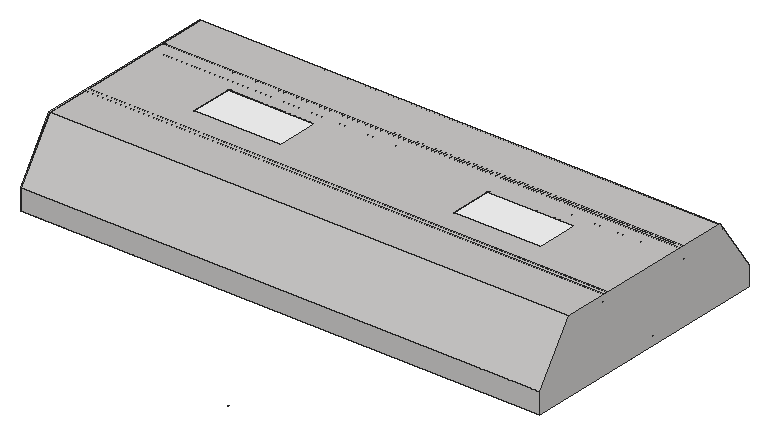
Revit family "QF_ELECTROLUXPROFESSIONAL_642362_BC1836DT", category Specialty Equipment, Revit 2014
Reference planes
  plane 1: z = 0
  plane 2 "Center (Left/Right)": x = 150
  plane 3 "LEFT": x = -1650
  plane 4 "RIGHT": x = 1950
  plane 5 "BACK": y = 550
  plane 6 "TOP": z = 2500
  plane 7 "Base": z = 2000
  plane 8: z = 1946
  plane 9: x = -1647
  plane 10 "DrainX": x = 1799
  plane 11 "AOLeft2": x = -450
  plane 12 "AORight1": x = 750
  plane 13: x = 1947
  plane 14: x = -1450
  plane 15: x = 1750
  plane 16: x = 50
  plane 17: x = 250
  plane 18 "AOLeft1": x = -1050
  plane 19 "AORight2": x = 1350
  plane 20: y = -200
  plane 21: y = -500
  plane 22 "Center (Front/Back)": y = -350
  plane 23: y = -1250
  plane 24: through (0, -401.379, 2046.209) normal (0, 0.8019, 0.5974)
  plane 25: through (0, -298.621, 2046.209) normal (0, 0.8019, -0.5974)
  plane 26: z = 2140
Forms (mm)
  Extrusion 1, solid, material "QF_Finishes_Stainless Steel"
    sketch origin (-1650, 0, 360) x (0, 1, 0) y (0, 0, 1)
      loop
        line (550, 1640) -> (550, 1780) -> (299.446, 2140) -> (-999.446, 2140) -> (-1250, 1780) -> (-1250, 1640) -> (550, 1640)
    from 0 to 3
  Extrusion 2, solid, material "QF_Finishes_Stainless Steel"
    sketch origin (1950, 0, 360) x (0, 1, 0) y (0, 0, 1)
      loop
        line (550, 1640) -> (550, 1780) -> (299.446, 2140) -> (-999.446, 2140) -> (-1250, 1780) -> (-1250, 1640) -> (550, 1640)
    from 0 to -3
  Extrusion 3, solid, material "QF_Finishes_Stainless Steel"
    sketch origin (150, 0, 360) x (0, 1, 0) y (0, 0, 1)
      loop
        line (-999.446, 2140) -> (-1250, 1780) -> (-1250, 1640) -> (-1240, 1640) -> (-1240, 1640.8) -> (-1249.2, 1640.8) -> (-1249.2, 1779.739) -> (-999.025, 2139.19) -> (299.025, 2139.19) -> (549.2, 1779.739) -> (549.2, 1640.8) -> (540, 1640.8) -> (540, 1640) -> (550, 1640) -> (550, 1780) -> (299.446, 2140) -> (-999.446, 2140)
    from -1800 to 1800
  Extrusion 4, void
    sketch origin (0, 0, 2500) x (0, 1, 0) y (-1, 0, 0)
      loop
        line (-200, 450) -> (-200, 1050) -> (-500, 1050) -> (-500, 450) -> (-200, 450)
    from 0 to -10
  Extrusion 5, solid, material "QF_Finishes_Stainless Steel"
    sketch origin (0, 0, 0) x (1, 0, 0) y (0, 1, 0)
      loop
        line (-1650, 550) -> (-1650, 549) -> (-1649, 549) -> (-1649, 550) -> (-1650, 550)
    from 0 to 1
  Extrusion 6, solid, material "QF_Finishes_Stainless Steel"
    sketch origin (150, -400, 360) x (0, 1, 0) y (0, 0, 1)
      loop
        line (-298.883, 2085.553) -> (-1.379, 1686.209) -> (14.66, 1698.157) -> (-282.844, 2097.501) -> (-298.883, 2085.553)
      loop
        line (398.883, 2085.553) -> (382.844, 2097.501) -> (85.34, 1698.157) -> (101.379, 1686.209) -> (398.883, 2085.553)
    from -1600 to -1797
  Extrusion 7, solid, material "QF_Finishes_Stainless Steel"
    sketch origin (150, -400, 360) x (0, 1, 0) y (0, 0, 1)
      loop
        arc (116.056, 1704.554) -> (115.455, 1704.706) -> (114.923, 1704.389) r 0.81
        line (114.923, 1704.389) -> (100.465, 1684.991) -> (83.389, 1687.002) -> (86.391, 1712.615) -> (85.593, 1712.708) -> (82.594, 1687.095)
        arc (82.594, 1687.095) -> (82.763, 1686.499) -> (83.305, 1686.197) r 0.81
        line (83.305, 1686.197) -> (100.372, 1684.196)
        arc (100.372, 1684.196) -> (100.787, 1684.257) -> (101.116, 1684.517) r 0.81
        line (101.116, 1684.517) -> (115.564, 1703.911) -> (126.308, 1695.919) -> (100.145, 1660.79) -> (-0.145, 1660.79) -> (-26.308, 1695.919) -> (-15.564, 1703.911) -> (-1.116, 1684.517)
        arc (-1.116, 1684.517) -> (-0.787, 1684.257) -> (-0.372, 1684.196) r 0.81
        line (-0.372, 1684.196) -> (16.695, 1686.197)
        arc (16.695, 1686.197) -> (17.237, 1686.499) -> (17.406, 1687.095) r 0.81
        line (17.406, 1687.095) -> (14.407, 1712.708) -> (13.609, 1712.615) -> (16.611, 1687.002) -> (-0.465, 1684.991) -> (-14.923, 1704.389)
        arc (-14.923, 1704.389) -> (-15.455, 1704.706) -> (-16.056, 1704.554) r 0.81
        line (-16.056, 1704.554) -> (-26.786, 1696.561)
        arc (-26.786, 1696.561) -> (-27.103, 1696.028) -> (-26.951, 1695.427) r 0.81
        line (-26.951, 1695.427) -> (-0.843, 1660.381)
        arc (-0.843, 1660.381) -> (-0.5, 1660.093) -> (-0.063, 1659.99) r 0.972
        line (-0.063, 1659.99) -> (100.049, 1659.99)
        arc (100.049, 1659.99) -> (100.498, 1660.096) -> (100.851, 1660.393) r 1
        line (100.851, 1660.393) -> (126.951, 1695.427)
        arc (126.951, 1695.427) -> (127.103, 1696.028) -> (126.786, 1696.561) r 0.81
        line (126.786, 1696.561) -> (116.056, 1704.554)
      loop
        line (-292.735, 2139.19) -> (-292.735, 2129.205) -> (-317.587, 2110.686)
        arc (-317.587, 2110.686) -> (-317.904, 2110.153) -> (-317.752, 2109.552) r 0.81
        line (-317.752, 2109.552) -> (-284.894, 2065.446) -> (-295.625, 2057.438) -> (-295.147, 2056.796) -> (-284.418, 2064.79)
        arc (-284.418, 2064.79) -> (-284.1, 2065.322) -> (-284.252, 2065.923) r 0.81
        line (-284.252, 2065.923) -> (-317.117, 2110.038) -> (-291.935, 2128.798) -> (-291.935, 2138.4) -> (-262.776, 2138.4) -> (-262.776, 2070.563) -> (-261.976, 2069.49) -> (-261.976, 2139.19) -> (-292.735, 2139.19)
      loop
        line (392.735, 2139.19) -> (361.976, 2139.19) -> (361.976, 2069.49) -> (362.776, 2070.563) -> (362.776, 2138.4) -> (391.935, 2138.4) -> (391.935, 2128.798) -> (417.117, 2110.038) -> (384.252, 2065.923)
        arc (384.252, 2065.923) -> (384.1, 2065.322) -> (384.418, 2064.79) r 0.81
        line (384.418, 2064.79) -> (395.147, 2056.796) -> (395.625, 2057.438) -> (384.894, 2065.446) -> (417.752, 2109.552)
        arc (417.752, 2109.552) -> (417.904, 2110.153) -> (417.587, 2110.686) r 0.81
        line (417.587, 2110.686) -> (392.735, 2129.205) -> (392.735, 2139.19)
    from -1797 to 1797
  Extrusion 8, solid, material "QF_Finishes_Stainless Steel"
    sketch origin (150, -400, 360) x (0, 1, 0) y (0, 0, 1)
      loop
        line (-298.883, 2085.553) -> (-1.379, 1686.209) -> (14.66, 1698.157) -> (-282.844, 2097.501) -> (-298.883, 2085.553)
      loop
        line (398.883, 2085.553) -> (382.844, 2097.501) -> (85.34, 1698.157) -> (101.379, 1686.209) -> (398.883, 2085.553)
    from 1797 to 1600
  Extrusion 9, solid, material "QF_Finishes_Stainless Steel"
    sketch origin (150, -400, 360) x (0, 1, 0) y (0, 0, 1)
      loop
        line (-298.883, 2085.553) -> (-1.379, 1686.209) -> (14.66, 1698.157) -> (-282.844, 2097.501) -> (-298.883, 2085.553)
      loop
        line (398.883, 2085.553) -> (382.844, 2097.501) -> (85.34, 1698.157) -> (101.379, 1686.209) -> (398.883, 2085.553)
    from -100 to 100
  Extrusion 10, solid, material "QF_Finished_Chrome"
    sketch origin (150, -400, 360) x (0, 1, 0) y (0, 0, 1)
      loop
        line (-298.883, 2085.553) -> (-1.379, 1686.209) -> (14.66, 1698.157) -> (-282.844, 2097.501) -> (-298.883, 2085.553)
      loop
        line (398.883, 2085.553) -> (382.844, 2097.501) -> (85.34, 1698.157) -> (101.379, 1686.209) -> (398.883, 2085.553)
    from -1600 to -100
  Extrusion 11, solid, material "QF_Finished_Chrome"
    sketch origin (150, -400, 360) x (0, 1, 0) y (0, 0, 1)
      loop
        line (-298.883, 2085.553) -> (-1.379, 1686.209) -> (14.66, 1698.157) -> (-282.844, 2097.501) -> (-298.883, 2085.553)
      loop
        line (398.883, 2085.553) -> (382.844, 2097.501) -> (85.34, 1698.157) -> (101.379, 1686.209) -> (398.883, 2085.553)
    from 100 to 1600
  Sweep 12, solid, material "QF_Finishes_Stainless Steel"
    path origin (0, 0, 0) x (1, 0, 0) y (0, 1, 0)
      loop
        line (1950, 550) -> (-1650, 550) -> (-1650, -1250) -> (1950, -1250) -> (1950, 550)
    profile origin (1950, -350, 0) x (1, 0, 0) y (0, 0, 1)
      loop
        line (-3, 2000) -> (-3, 2000.8) -> (-19, 2000.8) -> (-19, 2010) -> (-20, 2010) -> (-20, 2000) -> (-3, 2000)
  Extrusion 13, void
    sketch origin (0, 0, 2500) x (0, 1, 0) y (-1, 0, 0)
      loop
        line (-200, -1350) -> (-200, -750) -> (-500, -750) -> (-500, -1350) -> (-200, -1350)
    from 0 to -10
  Extrusion 14, solid, material "QF_Finishes_Stainless Steel"
    sketch origin (1799, 0, 0) x (0, 1, 0) y (0, 0, 1)
      loop
        arc (-318.5, 1946) -> (-311.429, 1948.929) -> (-308.5, 1956) r 10
        line (-308.5, 1956) -> (-308.5, 2000.8) -> (-391.5, 2000.8) -> (-391.5, 1956)
        arc (-391.5, 1956) -> (-388.571, 1948.929) -> (-381.5, 1946) r 10
        line (-381.5, 1946) -> (-318.5, 1946)
    from -90 to 90
  Extrusion 15, solid, material "QF_Finishes_Stainless Steel"
    sketch origin (0, -1100, 2000) x (0, 1, 0) y (-1, 0, 0)
      loop
        circle (750, -1799) r 6.35
    from -3.799 to 0
Cuts and joins
  Extrusion 4, Extrusion 13 cuts Extrusion 3
  joined: Extrusion 2, Extrusion 3, Sweep 12
Lines and regions (mm)
  symbolic lines, style "SpecialityEquipment", detail levels coarse
    curve 1: line (1950, 550, 2500) -> (-1650, 550, 2500)
    curve 2: line (-1650, 550, 2500) -> (-1650, -1250.8, 2500)
    curve 3: line (1950, -1250.8, 2500) -> (1950, 550, 2500)
    curve 4: line (-1650, 299.446, 0) -> (1950, -999.446, 0)
    curve 5: line (1950, 299.446, 0) -> (-1650.605, -999.446, 0)
  symbolic lines, detail levels coarse
    curve 6: line (-1050, -500, 0) -> (-450, -500, 0)
    curve 7: line (-1050, -200, 0) -> (-1050, -500, 0)
    curve 8: line (-450, -200, 0) -> (-1050, -200, 0)
    curve 9: line (-450, -500, 0) -> (-450, -200, 0)
    curve 10: line (750, -200, 0) -> (750, -500, 0)
    curve 11: line (1350, -200, 0) -> (750, -200, 0)
    curve 12: line (1350, -500, 0) -> (1350, -200, 0)
    curve 13: line (750, -500, 0) -> (1350, -500, 0)
    curve 14: line (-1650.605, -999.446, 0) -> (1950, -999.446, 0)
    curve 15: line (1950, 299.446, 0) -> (-1650, 299.446, 0)
    curve 16: line (-1650, -1250.8, 0) -> (1950, -1250.8, 0)
Dimensions and locks
  plane 3 "LEFT" to plane 4 "RIGHT" = 3600 mm
  equal spacing: plane 3 "LEFT", plane 2 "Center (Left/Right)", plane 4 "RIGHT"
  plane 3 "LEFT" to plane 9 = 3 mm
  plane 10 "DrainX" to plane 4 "RIGHT" = 151 mm
  plane 13 to plane 4 "RIGHT" = 3 mm
  plane 3 "LEFT" to plane 14 = 200 mm
  plane 15 to plane 4 "RIGHT" = 200 mm
  locked: plane 11 "AOLeft2" to plane 12 "AORight1" at 1200
  equal spacing: plane 11 "AOLeft2", plane 2 "Center (Left/Right)", plane 12 "AORight1"
  locked: plane 7 "Base" to level at 2000
  locked: plane 16 to plane 17 at 200
  equal spacing: plane 16, plane 2 "Center (Left/Right)", plane 17
  plane 18 "AOLeft1" to plane 11 "AOLeft2" = 600 mm
  plane 12 "AORight1" to plane 19 "AORight2" = 600 mm
  plane 7 "Base" to plane 8 = 54 mm
  locked: plane 6 "TOP" to plane 7 "Base" at 500
  plane 5 "BACK" to plane 23 = 1800 mm  (x2)
  equal spacing: plane 5 "BACK", plane 22 "Center (Front/Back)", plane 23
  plane 21 to plane 20 = 300 mm
  equal spacing: plane 21, plane 22 "Center (Front/Back)", plane 20
  plane 26 to plane 7 "Base" = 140 mm
  aligned and locked: level to plane 1
  aligned and locked: plane 4 "RIGHT" to Extrusion 3
  aligned and locked: Extrusion 3 to plane 3 "LEFT"
  aligned and locked: Extrusion 6 to plane 9
  aligned and locked: plane 14 to Extrusion 6
  aligned and locked: Extrusion 2 to plane 13
  aligned and locked: plane 13 to Extrusion 8
  aligned and locked: Extrusion 8 to plane 15
  aligned and locked: plane 17 to Extrusion 9
  aligned and locked: Extrusion 9 to plane 16
  aligned and locked: plane 16 to Extrusion 10
  aligned and locked: Extrusion 10 to plane 14
  aligned and locked: Extrusion 11 to plane 17
  aligned and locked: Extrusion 11 to plane 15
  aligned and locked: Extrusion 7 to plane 9
  aligned and locked: plane 13 to Extrusion 7
  aligned and locked: Extrusion 4 to plane 18 "AOLeft1"
  aligned and locked: Extrusion 4 to plane 11 "AOLeft2"
  aligned and locked: plane 12 "AORight1" to Extrusion 13
  aligned and locked: plane 19 "AORight2" to Extrusion 13
  aligned and locked: plane 21 to Extrusion 13
  aligned and locked: plane 21 to Extrusion 4
  aligned and locked: plane 20 to Extrusion 13
  aligned and locked: plane 20 to Extrusion 4
  aligned and locked: curve 6 to Extrusion 4
  aligned and locked: curve 7 to Extrusion 4
  aligned and locked: curve 8 to Extrusion 4
  aligned and locked: curve 9 to Extrusion 4
  aligned and locked: curve 10 to Extrusion 13
  aligned and locked: curve 11 to Extrusion 13
  aligned and locked: curve 12 to Extrusion 13
  aligned and locked: curve 13 to Extrusion 13
Automatic sketch dimensions
  curve 2 to plane 3 "LEFT" = 0 mm
  curve 3 to plane 4 "RIGHT" = 0 mm
  curve 2 to plane 5 "BACK" = 0 mm
  Extrusion 4 sketch curve to plane 11 "AOLeft2" = 0 mm
  Extrusion 4 sketch curve to plane 18 "AOLeft1" = 0 mm
  Extrusion 5 sketch curve to plane 3 "LEFT" = 0 mm
  Extrusion 5 sketch curve to plane 5 "BACK" = 0 mm
  plane 3 "LEFT" to Extrusion 5 sketch curve = 1 mm
  Extrusion 5 sketch curve to Extrusion 5 sketch curve = 1 mm
  Sweep 12 sketch curve to plane 3 "LEFT" = 0 mm
  Sweep 12 sketch curve to plane 4 "RIGHT" = 0 mm
  Sweep 12 sketch curve to plane 5 "BACK" = 0 mm
  profile plane to Sweep 12 sketch curve = 20 mm
  Sweep 12 sketch curve to Sweep 12 sketch curve = 1 mm
  profile plane to Sweep 12 sketch curve = 3 mm
  level to Sweep 12 sketch curve = 2000 mm
  Sweep 12 sketch curve to Sweep 12 sketch curve = 0.8 mm
  Sweep 12 sketch curve to Sweep 12 sketch curve = 9.2 mm
  Extrusion 13 sketch curve to plane 11 "AOLeft2" = 1800 mm
  plane 18 "AOLeft1" to Extrusion 13 sketch curve = 1800 mm
  Extrusion 13 sketch curve to Extrusion 13 sketch curve = 300 mm
  Extrusion 13 sketch curve to plane 20 = 0 mm
  plane 21 to curve 3 = 750.8 mm
  plane 21 to curve 2 = 750.8 mm
  plane 21 to Sweep 12 sketch curve = 750 mm
  plane 21 to Extrusion 4 sketch curve = 0 mm
  Extrusion 4 sketch curve to plane 20 = 0 mm
  Extrusion 15 sketch curve to plane 10 "DrainX" = 0 mm
  Extrusion 15 sketch curve to plane 22 "Center (Front/Back)" = 0 mm
  Extrusion 14 sketch curve to plane 8 = 0 mm
  plane 8 to Extrusion 14 sketch curve = 10 mm
  Extrusion 14 sketch curve to plane 22 "Center (Front/Back)" = 41.5 mm
  plane 22 "Center (Front/Back)" to Extrusion 14 sketch curve = 31.5 mm
  plane 7 "Base" to Extrusion 14 sketch curve = 0.8 mm
  plane 22 "Center (Front/Back)" to Extrusion 14 sketch curve = 41.5 mm
  plane 21 to Extrusion 6 sketch curve = 198.883 mm
  Extrusion 6 sketch curve to plane 6 "TOP" = 42.499 mm  (x2)
  Extrusion 6 sketch curve to Extrusion 6 sketch curve = 16.039 mm  (x2)
  Extrusion 6 sketch curve to plane 22 "Center (Front/Back)" = 51.379 mm
  plane 22 "Center (Front/Back)" to Extrusion 6 sketch curve = 35.34 mm
  plane 20 to Extrusion 6 sketch curve = 182.844 mm
  Extrusion 6 sketch curve to Extrusion 6 sketch curve = 11.948 mm  (x2)
  Extrusion 7 sketch curve to plane 6 "TOP" = 30.448 mm  (x2)
  plane 21 to Extrusion 7 sketch curve = 217.752 mm
  Extrusion 7 sketch curve to plane 6 "TOP" = 29.314 mm  (x2)
  Extrusion 7 sketch curve to Extrusion 7 sketch curve = 0.166 mm  (x3)
  Extrusion 7 sketch curve to plane 6 "TOP" = 29.962 mm  (x2)
  Extrusion 7 sketch curve to Extrusion 7 sketch curve = 0.47 mm  (x2)
  Extrusion 7 sketch curve to Extrusion 7 sketch curve = 0.014 mm  (x2)
  Extrusion 7 sketch curve to plane 6 "TOP" = 82.562 mm  (x2)
  Extrusion 7 sketch curve to Extrusion 7 sketch curve = 22.127 mm
  Extrusion 7 sketch curve to plane 6 "TOP" = 83.204 mm  (x2)
  Extrusion 7 sketch curve to Extrusion 7 sketch curve = 0.478 mm  (x5)
  Extrusion 7 sketch curve to plane 6 "TOP" = 0.81 mm  (x2)
  Extrusion 7 sketch curve to Extrusion 7 sketch curve = 24.852 mm
  Extrusion 7 sketch curve to Extrusion 7 sketch curve = 0.8 mm  (x5)
  Extrusion 7 sketch curve to Extrusion 7 sketch curve = 10.724 mm
  Extrusion 7 sketch curve to plane 6 "TOP" = 74.554 mm  (x2)
  Extrusion 7 sketch curve to Extrusion 7 sketch curve = 0.008 mm  (x6)
  Extrusion 7 sketch curve to plane 6 "TOP" = 75.21 mm  (x2)
  Extrusion 7 sketch curve to plane 6 "TOP" = 74.077 mm  (x2)
  Extrusion 7 sketch curve to Extrusion 7 sketch curve = 0.642 mm  (x2)
  Extrusion 7 sketch curve to plane 6 "TOP" = 69.437 mm  (x2)
  Extrusion 7 sketch curve to Extrusion 7 sketch curve = 21.476 mm  (x2)
  Extrusion 7 sketch curve to plane 21 = 73.049 mm
  Extrusion 7 sketch curve to Extrusion 7 sketch curve = 0.006 mm  (x4)
  Extrusion 7 sketch curve to Extrusion 7 sketch curve = 10.73 mm  (x3)
  Extrusion 7 sketch curve to Extrusion 7 sketch curve = 0.484 mm  (x4)
  Extrusion 7 sketch curve to Extrusion 7 sketch curve = 0.641 mm  (x2)
  Extrusion 7 sketch curve to Extrusion 7 sketch curve = 14.448 mm
  plane 7 "Base" to Extrusion 7 sketch curve = 20.381 mm
  Extrusion 7 sketch curve to Extrusion 7 sketch curve = 0.273 mm
  Extrusion 7 sketch curve to Extrusion 7 sketch curve = 0.65 mm  (x2)
  Extrusion 7 sketch curve to Extrusion 7 sketch curve = 0.001 mm  (x4)
  Extrusion 7 sketch curve to Extrusion 7 sketch curve = 0.093 mm  (x2)
  plane 7 "Base" to Extrusion 7 sketch curve = 20.79 mm
  Extrusion 7 sketch curve to Extrusion 7 sketch curve = 0.698 mm
  Extrusion 7 sketch curve to Extrusion 7 sketch curve = 0.081 mm
  Extrusion 7 sketch curve to Extrusion 7 sketch curve = 28.531 mm
  Extrusion 7 sketch curve to Extrusion 7 sketch curve = 0.799 mm  (x2)
  Extrusion 7 sketch curve to Extrusion 7 sketch curve = 17.067 mm  (x2)
  Extrusion 7 sketch curve to Extrusion 7 sketch curve = 0.01 mm  (x4)
  Extrusion 7 sketch curve to Extrusion 7 sketch curve = 0.094 mm
  Extrusion 7 sketch curve to Extrusion 7 sketch curve = 0.795 mm  (x2)
  plane 22 "Center (Front/Back)" to Extrusion 7 sketch curve = 32.594 mm
  Extrusion 7 sketch curve to Extrusion 7 sketch curve = 0.71 mm
  Extrusion 7 sketch curve to Extrusion 7 sketch curve = 2.998 mm
  Extrusion 7 sketch curve to Extrusion 7 sketch curve = 16.745 mm
  Extrusion 7 sketch curve to Extrusion 7 sketch curve = 0.095 mm
  plane 7 "Base" to Extrusion 7 sketch curve = 20.393 mm
  Extrusion 7 sketch curve to Extrusion 7 sketch curve = 0.707 mm
  Extrusion 7 sketch curve to Extrusion 7 sketch curve = 0.651 mm
  Extrusion 7 sketch curve to Extrusion 7 sketch curve = 14.456 mm
  Extrusion 7 sketch curve to plane 6 "TOP" = 70.51 mm  (x2)
  plane 20 to Extrusion 7 sketch curve = 161.976 mm
  Extrusion 7 sketch curve to plane 6 "TOP" = 1.6 mm
  Extrusion 7 sketch curve to Extrusion 7 sketch curve = 29.159 mm
  Extrusion 7 sketch curve to Extrusion 7 sketch curve = 24.368 mm
  Extrusion 7 sketch curve to Extrusion 7 sketch curve = 0.636 mm
  Extrusion 7 sketch curve to Extrusion 7 sketch curve = 23.206 mm
  Extrusion 7 sketch curve to Extrusion 7 sketch curve = 23.234 mm
  Extrusion 7 sketch curve to Extrusion 7 sketch curve = 0.321 mm  (x2)
  Extrusion 7 sketch curve to Extrusion 7 sketch curve = 2.001 mm  (x2)
  Extrusion 7 sketch curve to Extrusion 7 sketch curve = 0.804 mm  (x2)
  Extrusion 7 sketch curve to Extrusion 7 sketch curve = 10.911 mm  (x2)
  Extrusion 7 sketch curve to Extrusion 7 sketch curve = 7.993 mm  (x2)
  Extrusion 7 sketch curve to Extrusion 7 sketch curve = 25.613 mm  (x2)
  Extrusion 7 sketch curve to Extrusion 7 sketch curve = 0.407 mm  (x2)
  Extrusion 7 sketch curve to Extrusion 7 sketch curve = 0.79 mm
  Extrusion 3 sketch curve to plane 7 "Base" = 0 mm  (x2)
  Extrusion 3 sketch curve to plane 23 = 0 mm
  Extrusion 3 sketch curve to plane 5 "BACK" = 0 mm
  plane 23 to Extrusion 3 sketch curve = 0.8 mm
  plane 7 "Base" to Extrusion 3 sketch curve = 0.8 mm  (x2)
  Extrusion 3 sketch curve to Extrusion 3 sketch curve = 9.2 mm
  plane 23 to Extrusion 3 sketch curve = 250.554 mm
  Extrusion 3 sketch curve to Extrusion 3 sketch curve = 0.421 mm  (x2)
  Extrusion 3 sketch curve to plane 6 "TOP" = 0.81 mm
  Extrusion 3 sketch curve to plane 5 "BACK" = 250.975 mm
  Extrusion 3 sketch curve to plane 5 "BACK" = 10 mm
  Extrusion 3 sketch curve to plane 5 "BACK" = 0.8 mm
  Extrusion 3 sketch curve to Extrusion 3 sketch curve = 138.939 mm  (x2)
  Extrusion 3 sketch curve to Extrusion 3 sketch curve = 0.261 mm  (x2)
  Extrusion 3 sketch curve to plane 6 "TOP" = 0 mm
  Extrusion 1 sketch curve to plane 7 "Base" = 0 mm
  Extrusion 1 sketch curve to plane 23 = 0 mm
  Extrusion 1 sketch curve to plane 6 "TOP" = 0 mm
  Extrusion 1 sketch curve to plane 5 "BACK" = 0 mm
  Extrusion 1 sketch curve to plane 5 "BACK" = 250.554 mm
  plane 7 "Base" to Extrusion 1 sketch curve = 140 mm
  Extrusion 1 sketch curve to Extrusion 1 sketch curve = 140 mm
  plane 23 to Extrusion 1 sketch curve = 250.554 mm
  plane 21 to Extrusion 10 sketch curve = 198.883 mm
  Extrusion 10 sketch curve to plane 6 "TOP" = 42.499 mm  (x2)
  Extrusion 10 sketch curve to Extrusion 10 sketch curve = 16.039 mm  (x2)
  Extrusion 10 sketch curve to plane 22 "Center (Front/Back)" = 51.379 mm
  plane 22 "Center (Front/Back)" to Extrusion 10 sketch curve = 35.34 mm
  plane 20 to Extrusion 10 sketch curve = 182.844 mm
  Extrusion 10 sketch curve to Extrusion 10 sketch curve = 11.948 mm  (x2)
  plane 21 to Extrusion 9 sketch curve = 198.883 mm
  Extrusion 9 sketch curve to plane 6 "TOP" = 42.499 mm  (x2)
  Extrusion 9 sketch curve to Extrusion 9 sketch curve = 16.039 mm  (x2)
  Extrusion 9 sketch curve to plane 22 "Center (Front/Back)" = 51.379 mm
  plane 22 "Center (Front/Back)" to Extrusion 9 sketch curve = 35.34 mm
  plane 20 to Extrusion 9 sketch curve = 182.844 mm
  Extrusion 9 sketch curve to Extrusion 9 sketch curve = 11.948 mm  (x2)
  plane 21 to Extrusion 11 sketch curve = 198.883 mm
  Extrusion 11 sketch curve to plane 6 "TOP" = 42.499 mm  (x2)
  Extrusion 11 sketch curve to Extrusion 11 sketch curve = 16.039 mm  (x2)
  Extrusion 11 sketch curve to plane 22 "Center (Front/Back)" = 51.379 mm
  plane 22 "Center (Front/Back)" to Extrusion 11 sketch curve = 35.34 mm
  plane 20 to Extrusion 11 sketch curve = 182.844 mm
  Extrusion 11 sketch curve to Extrusion 11 sketch curve = 11.948 mm  (x2)
  plane 21 to Extrusion 8 sketch curve = 198.883 mm
  Extrusion 8 sketch curve to plane 6 "TOP" = 42.499 mm  (x2)
  Extrusion 8 sketch curve to Extrusion 8 sketch curve = 16.039 mm  (x2)
  Extrusion 8 sketch curve to plane 22 "Center (Front/Back)" = 51.379 mm
  plane 22 "Center (Front/Back)" to Extrusion 8 sketch curve = 35.34 mm
  plane 20 to Extrusion 8 sketch curve = 182.844 mm
  Extrusion 8 sketch curve to Extrusion 8 sketch curve = 11.948 mm  (x2)
  Extrusion 2 sketch curve to plane 7 "Base" = 0 mm
  Extrusion 2 sketch curve to plane 23 = 0 mm
  Extrusion 2 sketch curve to plane 6 "TOP" = 0 mm
  Extrusion 2 sketch curve to plane 5 "BACK" = 0 mm
  Extrusion 2 sketch curve to plane 26 = 0 mm  (x2)
  Extrusion 2 sketch curve to plane 5 "BACK" = 250.554 mm
  plane 23 to Extrusion 2 sketch curve = 250.554 mm
  curve 15 to plane 3 "LEFT" = 0 mm
  curve 16 to plane 3 "LEFT" = 0 mm
  curve 14 to plane 4 "RIGHT" = 0 mm
  curve 15 to plane 4 "RIGHT" = 0 mm
  curve 16 to plane 4 "RIGHT" = 0 mm
  curve 14 to plane 3 "LEFT" = 0.605 mm
  plane 23 to curve 14 = 250.554 mm
  curve 15 to plane 5 "BACK" = 250.554 mm
  curve 16 to plane 23 = 0.8 mm
  radius of Extrusion 15 sketch curve = 6.35 mm
Connectors
  hvac at (-750, -350, 2500)
    settings: on Extrusion 4, index 2, duct flow 0.0 L/s, flow factor 0, pres drop 0.0 Pa, loss coef 0, conn angle 0.00°, conn width 300 mm, conn height 600 mm, conn diameter 609.6 mm, duct sys type 3, conn prof type 1, flow config 1, flow direction 2, loss method 0, conn ref index -1, conn util no, is conn primary yes, conn desc "EXHAUST OUTLET"
  hvac at (1050, -350, 2500)
    settings: on Extrusion 13, index 3, duct flow 0.0 L/s, flow factor 0, pres drop 0.0 Pa, loss coef 0, conn angle 0.00°, conn width 300 mm, conn height 600 mm, conn diameter 609.6 mm, duct sys type 3, conn prof type 1, flow config 1, flow direction 2, loss method 0, conn ref index -1, conn util no, is conn primary no, conn desc "EXHAUST OUTLET"
  piping at (1799, -350, 1996.201), diameter 12.7
    settings: on Extrusion 15, index 4, connector inside diameter 609.6 mm, connector length 0 mm, flow factor 0, pipe flow 0.0 L/s, pressure drop 0.0 Pa, fitting loss kfactor 0, connector angle 0.00°, fixture units 0, engagement length 0 mm, angle of deflection 0.00°, flow configuration 1, flow direction 2, fitting loss method 0, system type 16, joint type 0, gender type 0, connector reference index -1, connector utility 0, adjustable connector no, is connector primary yes, connector description "Drain"
